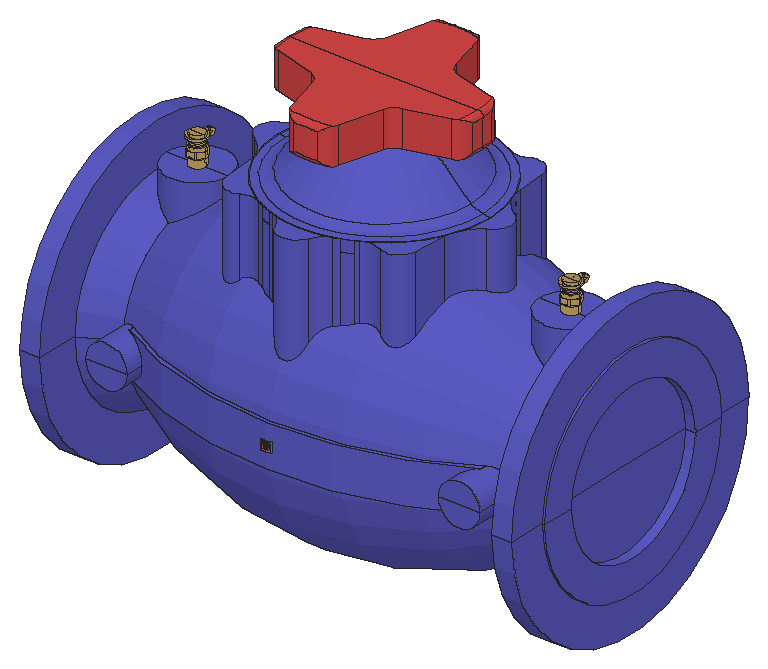
Revit family "HERZ Strömax Commissioning Valve With Test points, Straight Body 4218 GMF", category Rohrzubehör, Revit 2020 (continued)
Definition of nested family "Messstutzen_Band_Austritt_senkrecht_(oben 25)"
  Forms (mm)
    Extrusion 4, solid, detail levels fine
      sketch origin (12.045, 0, 25.83) x (0, 1, 0) y (0.906308, 0, -0.422618)
        loop
          arc (9.582, 1.8) -> (7.288, 2.358) -> (5.505, 3.906) r 5
          arc (5.505, 3.906) -> (-6.75, 0) -> (5.505, -3.906) r 6.75
      from 0 to -1.5
    Extrusion 5, solid, detail levels fine
      sketch origin (14.022, 0, 30.07) x (0, 1, 0) y (0.906308, 0, -0.422618)
        loop
          circle (0, 0) r 6.1
        loop
          arc (8.652, -4.495) -> (10.493, -2.527) -> (13.089, -1.8) r 5
          line (13.089, -1.8) -> (13.089, 1.8)
          arc (13.089, 1.8) -> (10.493, 2.527) -> (8.652, 4.495) r 5
          arc (8.652, 4.495) -> (-9.75, 0) -> (8.652, -4.495) r 9.75
      from 0 to -1.5
    Sweep 6, solid, detail levels fine
      path origin (0.876, 0.242, 1.118) x (-0.422618, 0, -0.906308) y (0, 1, 0)
        loop
          line (-27.75, 9.582) -> (-27.75, 14.522)
          arc (-27.75, 14.522) -> (-30.089, 16.862) -> (-32.428, 14.522) r 2.339
          line (-32.428, 14.522) -> (-32.428, 13.089)
      profile origin (12.603, 12.294, 26.268) x (0.422618, 0, 0.906308) y (0.906308, 0, -0.422618)
        loop
          line (-0.75, -1.8) -> (0.75, -1.8) -> (0.75, 1.8) -> (-0.75, 1.8) -> (-0.75, -1.8)
  Dimensions and locks
    aligned and locked: level to plane 2
Definition of nested family "Messstutzen_Band_Austritt_senkrecht_(oben 0.8)"
  Parameters (values of type "Messstutzen_Band_Austritt_senkrecht_(oben 0.8)")
    Default Elevation = 0.00 mm
    URL = "www.herz-armaturen.at"
    Schutzkappe [instance] = yes
    Nennweite [instance] = 0.00 mm
    Manufacturer = "Herz Armaturen GmbH"  # constant formula
    Gewicht [instance] = 0.00 kg
    Bestellnummer [instance] = 0
  Reference planes
    plane 1 "Mitte (Vorne/hinten)": y = 0
    plane 2: z = 0
    plane 3 "Mitte (Links/rechts)": x = 0
  Forms (mm)
    Revolve 1, solid, detail levels fine
      sketch origin (0, 0, 0) x (0.999903, 0, -0.013962) y (0.013962, 0, 0.999903)
        loop
          line (-7.4, 9) -> (-5.55, 9) -> (-5.55, 6)
          arc (-5.55, 6) -> (-5.626, 5.617) -> (-5.843, 5.293) r 1
          line (-5.843, 5.293) -> (-6.455, 4.681) -> (-6.455, 0.9) -> (-5.555, 0) -> (-2, 0) -> (-2, 17.5) -> (-8.4, 17.5)
          arc (-8.4, 17.5) -> (-7.693, 17.207) -> (-7.4, 16.5) r 1
          line (-7.4, 16.5) -> (-7.4, 9)
        loop
          line (-3.7, 27) -> (-7.3, 27) -> (-7.9, 26.4) -> (-7.9, 23) -> (-2, 23) -> (-2, 35.8) -> (-3.805, 35.8) -> (-4.415, 35.19) -> (-4.415, 30.863) -> (-3.7, 30.45) -> (-3.7, 27)
        axis (0, 0) -> (0, 35.8)
      angle from 0 to 360
    Extrusion 2, solid, detail levels fine
      sketch origin (0.244, 0, 17.498) x (0, 1, 0) y (-0.999903, 0, 0.013962)
        loop
          arc (-7.07, 5.156) -> (-7.578, 4.375) -> (-8, 3.544) r 8.75
          line (-8, 3.544) -> (-8, -3.544)
          arc (-8, -3.544) -> (-7.578, -4.375) -> (-7.07, -5.156) r 8.75
          line (-7.07, -5.156) -> (-0.93, -8.7)
          arc (-0.93, -8.7) -> (0, -8.75) -> (0.93, -8.7) r 8.75
          line (0.93, -8.7) -> (7.07, -5.156)
          arc (7.07, -5.156) -> (7.578, -4.375) -> (8, -3.544) r 8.75
          line (8, -3.544) -> (8, 3.544)
          arc (8, 3.544) -> (7.578, 4.375) -> (7.07, 5.156) r 8.75
          line (7.07, 5.156) -> (0.93, 8.7)
          arc (0.93, 8.7) -> (0, 8.75) -> (-0.93, 8.7) r 8.75
          line (-0.93, 8.7) -> (-7.07, 5.156)
      from 0 to 5.5
    Revolve 3, solid, visible <- "Schutzkappe", detail levels fine
      sketch origin (0, 0, 0) x (0.999903, 0, -0.013962) y (0.013962, 0, 0.999903)
        loop
          line (0, 35.878) -> (0, 36.678) -> (-7, 36.678) -> (-7, 33.378) -> (-6.1, 33.378) -> (-6.1, 31.678) -> (-6.9, 31.678) -> (-6.9, 30.178) -> (-4.415, 30.178) -> (-4.415, 35.268) -> (-3.805, 35.878) -> (0, 35.878)
        axis (0, 30.178) -> (0, 36.678)
      angle from 0 to 360
    Extrusion 4, solid, detail levels fine
      sketch origin (0.398, 0, 28.497) x (0, 1, 0) y (0.999903, 0, -0.013962)
        loop
          circle (0, 0) r 3.7
        loop
          arc (5.505, -3.906) -> (7.288, -2.358) -> (9.582, -1.8) r 5
          line (9.582, -1.8) -> (9.582, 1.8)
          arc (9.582, 1.8) -> (7.288, 2.358) -> (5.505, 3.906) r 5
          arc (5.505, 3.906) -> (-6.75, 0) -> (5.505, -3.906) r 6.75
      from 0 to -1.5
    Extrusion 5, solid, detail levels fine
      sketch origin (0.463, 0, 33.175) x (0, 1, 0) y (0.999903, 0, -0.013962)
        loop
          circle (0, 0) r 6.1
        loop
          arc (8.652, -4.495) -> (10.493, -2.527) -> (13.089, -1.8) r 5
          line (13.089, -1.8) -> (13.089, 1.8)
          arc (13.089, 1.8) -> (10.493, 2.527) -> (8.652, 4.495) r 5
          arc (8.652, 4.495) -> (-9.75, 0) -> (8.652, -4.495) r 9.75
      from 0 to -1.5
    Sweep 6, solid, detail levels fine
      path origin (0.514, 0.493, 1.007) x (-0.013962, 0, -0.999903) y (0, 1, 0)
        loop
          line (-27.75, 9.582) -> (-27.75, 14.522)
          arc (-27.75, 14.522) -> (-30.089, 16.862) -> (-32.428, 14.522) r 2.339
          line (-32.428, 14.522) -> (-32.428, 13.089)
      profile origin (0.901, 12.545, 28.754) x (0.013962, 0, 0.999903) y (0.999903, 0, -0.013962)
        loop
          line (-0.75, -1.8) -> (0.75, -1.8) -> (0.75, 1.8) -> (-0.75, 1.8) -> (-0.75, -1.8)
  Dimensions and locks
    aligned and locked: level to plane 2
Definition of nested family "Messstutzen_Band_Eintritt_senkrecht_(oben 10)"
  Parameters (values of type "Messstutzen_Band_Eintritt_senkrecht_(oben 10)")
    Default Elevation = 0.00 mm
    URL = "www.herz-armaturen.at"
    Schutzkappe [instance] = yes
    Nennweite [instance] = 0.00 mm
    Manufacturer = "Herz Armaturen GmbH"  # constant formula
    Gewicht [instance] = 0.00 kg
    Bestellnummer [instance] = 0
  Reference planes
    plane 1 "Mitte (Vorne/hinten)": y = 0
    plane 2: z = 0
    plane 3 "Mitte (Links/rechts)": x = 0
  Forms (mm)
    Revolve 1, solid, detail levels fine
      sketch origin (0, 0, 0) x (0.984808, 0, 0.173648) y (-0.173648, 0, 0.984808)
        loop
          line (-7.4, 9) -> (-5.55, 9) -> (-5.55, 6)
          arc (-5.55, 6) -> (-5.626, 5.617) -> (-5.843, 5.293) r 1
          line (-5.843, 5.293) -> (-6.455, 4.681) -> (-6.455, 0.9) -> (-5.555, 0) -> (-2, 0) -> (-2, 17.5) -> (-8.4, 17.5)
          arc (-8.4, 17.5) -> (-7.693, 17.207) -> (-7.4, 16.5) r 1
          line (-7.4, 16.5) -> (-7.4, 9)
        loop
          line (-3.7, 27) -> (-7.3, 27) -> (-7.9, 26.4) -> (-7.9, 23) -> (-2, 23) -> (-2, 35.8) -> (-3.805, 35.8) -> (-4.415, 35.19) -> (-4.415, 30.863) -> (-3.7, 30.45) -> (-3.7, 27)
        axis (0, 0) -> (0, 35.8)
      angle from 0 to 360
    Extrusion 2, solid, detail levels fine
      sketch origin (-3.039, 0, 17.234) x (0, 1, 0) y (-0.984808, 0, -0.173648)
        loop
          arc (-7.07, 5.156) -> (-7.578, 4.375) -> (-8, 3.544) r 8.75
          line (-8, 3.544) -> (-8, -3.544)
          arc (-8, -3.544) -> (-7.578, -4.375) -> (-7.07, -5.156) r 8.75
          line (-7.07, -5.156) -> (-0.93, -8.7)
          arc (-0.93, -8.7) -> (0, -8.75) -> (0.93, -8.7) r 8.75
          line (0.93, -8.7) -> (7.07, -5.156)
          arc (7.07, -5.156) -> (7.578, -4.375) -> (8, -3.544) r 8.75
          line (8, -3.544) -> (8, 3.544)
          arc (8, 3.544) -> (7.578, 4.375) -> (7.07, 5.156) r 8.75
          line (7.07, 5.156) -> (0.93, 8.7)
          arc (0.93, 8.7) -> (0, 8.75) -> (-0.93, 8.7) r 8.75
          line (-0.93, 8.7) -> (-7.07, 5.156)
      from 0 to 5.5
    Revolve 3, solid, visible <- "Schutzkappe", detail levels fine
      sketch origin (0, 0, 0) x (0.984808, 0, 0.173648) y (-0.173648, 0, 0.984808)
        loop
          line (0, 35.878) -> (0, 36.678) -> (-7, 36.678) -> (-7, 33.378) -> (-6.1, 33.378) -> (-6.1, 31.678) -> (-6.9, 31.678) -> (-6.9, 30.178) -> (-4.415, 30.178) -> (-4.415, 35.268) -> (-3.805, 35.878) -> (0, 35.878)
        axis (0, 30.178) -> (0, 36.678)
      angle from 0 to 360
    Extrusion 4, solid, detail levels fine
      sketch origin (-4.949, 0, 28.067) x (0, 1, 0) y (0.984808, 0, 0.173648)
        loop
          circle (0, 0) r 3.7
        loop
          arc (5.505, -3.906) -> (7.288, -2.358) -> (9.582, -1.8) r 5
          line (9.582, -1.8) -> (9.582, 1.8)
          arc (9.582, 1.8) -> (7.288, 2.358) -> (5.505, 3.906) r 5
          arc (5.505, 3.906) -> (-6.75, 0) -> (5.505, -3.906) r 6.75
      from 0 to -1.5
    Extrusion 5, solid, detail levels fine
      sketch origin (-5.761, 0, 32.674) x (0, 1, 0) y (0.984808, 0, 0.173648)
        loop
          circle (0, 0) r 6.1
        loop
          arc (8.652, -4.495) -> (10.493, -2.527) -> (13.089, -1.8) r 5
          line (13.089, -1.8) -> (13.089, 1.8)
          arc (13.089, 1.8) -> (10.493, 2.527) -> (8.652, 4.495) r 5
          arc (8.652, 4.495) -> (-9.75, 0) -> (8.652, -4.495) r 9.75
      from 0 to -1.5
    Sweep 6, solid, detail levels fine
      path origin (0.6, 0.141, 0.838) x (0.173648, 0, -0.984808) y (0, 1, 0)
        loop
          line (-27.75, 9.582) -> (-27.75, 14.522)
          arc (-27.75, 14.522) -> (-30.089, 16.862) -> (-32.428, 14.522) r 2.339
          line (-32.428, 14.522) -> (-32.428, 13.089)
      profile origin (-4.219, 12.193, 28.166) x (-0.173648, 0, 0.984808) y (0.984808, 0, 0.173648)
        loop
          line (-0.75, -1.8) -> (0.75, -1.8) -> (0.75, 1.8) -> (-0.75, 1.8) -> (-0.75, -1.8)
  Dimensions and locks
    aligned and locked: level to plane 2
Definition of nested family "Messstutzen_Band_Eintritt_senkrecht_(oben 15)"
  Parameters (values of type "Messstutzen_Band_Eintritt_senkrecht_(oben 15)")
    Default Elevation = 0.00 mm
    URL = "www.herz-armaturen.at"
    Schutzkappe [instance] = yes
    Nennweite [instance] = 0.00 mm
    Manufacturer = "Herz Armaturen GmbH"  # constant formula
    Gewicht [instance] = 0.00 kg
    Bestellnummer [instance] = 0
  Reference planes
    plane 1 "Mitte (Vorne/hinten)": y = 0
    plane 2: z = 0
    plane 3 "Mitte (Links/rechts)": x = 0
  Forms (mm)
    Revolve 1, solid, detail levels fine
      sketch origin (0, 0, 0) x (0.965926, 0, 0.258819) y (-0.258819, 0, 0.965926)
        loop
          line (-7.4, 9) -> (-5.55, 9) -> (-5.55, 6)
          arc (-5.55, 6) -> (-5.626, 5.617) -> (-5.843, 5.293) r 1
          line (-5.843, 5.293) -> (-6.455, 4.681) -> (-6.455, 0.9) -> (-5.555, 0) -> (-2, 0) -> (-2, 17.5) -> (-8.4, 17.5)
          arc (-8.4, 17.5) -> (-7.693, 17.207) -> (-7.4, 16.5) r 1
          line (-7.4, 16.5) -> (-7.4, 9)
        loop
          line (-3.7, 27) -> (-7.3, 27) -> (-7.9, 26.4) -> (-7.9, 23) -> (-2, 23) -> (-2, 35.8) -> (-3.805, 35.8) -> (-4.415, 35.19) -> (-4.415, 30.863) -> (-3.7, 30.45) -> (-3.7, 27)
        axis (0, 0) -> (0, 35.8)
      angle from 0 to 360
    Extrusion 2, solid, detail levels fine
      sketch origin (-4.529, 0, 16.904) x (0, 1, 0) y (-0.965926, 0, -0.258819)
        loop
          arc (-7.07, 5.156) -> (-7.578, 4.375) -> (-8, 3.544) r 8.75
          line (-8, 3.544) -> (-8, -3.544)
          arc (-8, -3.544) -> (-7.578, -4.375) -> (-7.07, -5.156) r 8.75
          line (-7.07, -5.156) -> (-0.93, -8.7)
          arc (-0.93, -8.7) -> (0, -8.75) -> (0.93, -8.7) r 8.75
          line (0.93, -8.7) -> (7.07, -5.156)
          arc (7.07, -5.156) -> (7.578, -4.375) -> (8, -3.544) r 8.75
          line (8, -3.544) -> (8, 3.544)
          arc (8, 3.544) -> (7.578, 4.375) -> (7.07, 5.156) r 8.75
          line (7.07, 5.156) -> (0.93, 8.7)
          arc (0.93, 8.7) -> (0, 8.75) -> (-0.93, 8.7) r 8.75
          line (-0.93, 8.7) -> (-7.07, 5.156)
      from 0 to 5.5
    Revolve 3, solid, visible <- "Schutzkappe", detail levels fine
      sketch origin (0, 0, 0) x (0.965926, 0, 0.258819) y (-0.258819, 0, 0.965926)
        loop
          line (0, 35.878) -> (0, 36.678) -> (-7, 36.678) -> (-7, 33.378) -> (-6.1, 33.378) -> (-6.1, 31.678) -> (-6.9, 31.678) -> (-6.9, 30.178) -> (-4.415, 30.178) -> (-4.415, 35.268) -> (-3.805, 35.878) -> (0, 35.878)
        axis (0, 30.178) -> (0, 36.678)
      angle from 0 to 360
    Extrusion 4, solid, detail levels fine
      sketch origin (-7.376, 0, 27.529) x (0, 1, 0) y (0.965926, 0, 0.258819)
        loop
          circle (0, 0) r 3.7
        loop
          arc (5.505, -3.906) -> (7.288, -2.358) -> (9.582, -1.8) r 5
          line (9.582, -1.8) -> (9.582, 1.8)
          arc (9.582, 1.8) -> (7.288, 2.358) -> (5.505, 3.906) r 5
          arc (5.505, 3.906) -> (-6.75, 0) -> (5.505, -3.906) r 6.75
      from 0 to -1.5
    Extrusion 5, solid, detail levels fine
      sketch origin (-8.587, 0, 32.048) x (0, 1, 0) y (0.965926, 0, 0.258819)
        loop
          circle (0, 0) r 6.1
        loop
          arc (8.652, -4.495) -> (10.493, -2.527) -> (13.089, -1.8) r 5
          line (13.089, -1.8) -> (13.089, 1.8)
          arc (13.089, 1.8) -> (10.493, 2.527) -> (8.652, 4.495) r 5
          arc (8.652, 4.495) -> (-9.75, 0) -> (8.652, -4.495) r 9.75
      from 0 to -1.5
    Sweep 6, solid, detail levels fine
      path origin (0.468, 0.277, 0.942) x (0.258819, 0, -0.965926) y (0, 1, 0)
        loop
          line (-27.75, 9.582) -> (-27.75, 14.522)
          arc (-27.75, 14.522) -> (-30.089, 16.862) -> (-32.428, 14.522) r 2.339
          line (-32.428, 14.522) -> (-32.428, 13.089)
      profile origin (-6.714, 12.329, 27.747) x (-0.258819, 0, 0.965926) y (0.965926, 0, 0.258819)
        loop
          line (-0.75, -1.8) -> (0.75, -1.8) -> (0.75, 1.8) -> (-0.75, 1.8) -> (-0.75, -1.8)
  Dimensions and locks
    aligned and locked: level to plane 2
Definition of nested family "Messstutzen_Band_Eintritt_senkrecht_(oben 25)"
  Parameters (values of type "Messstutzen_Band_Eintritt_senkrecht_(oben 25)")
    Default Elevation = 0.00 mm
    URL = "www.herz-armaturen.at"
    Schutzkappe [instance] = yes
    Nennweite [instance] = 0.00 mm
    Manufacturer = "Herz Armaturen GmbH"  # constant formula
    Gewicht [instance] = 0.00 kg
    Bestellnummer [instance] = 0
  Reference planes
    plane 1 "Mitte (Vorne/hinten)": y = 0
    plane 2: z = 0
    plane 3 "Mitte (Links/rechts)": x = 0
  Forms (mm)
    Revolve 1, solid, detail levels fine
      sketch origin (0, 0, 0) x (0.906308, 0, 0.422618) y (-0.422618, 0, 0.906308)
        loop
          line (-7.4, 9) -> (-5.55, 9) -> (-5.55, 6)
          arc (-5.55, 6) -> (-5.626, 5.617) -> (-5.843, 5.293) r 1
          line (-5.843, 5.293) -> (-6.455, 4.681) -> (-6.455, 0.9) -> (-5.555, 0) -> (-2, 0) -> (-2, 17.5) -> (-8.4, 17.5)
          arc (-8.4, 17.5) -> (-7.693, 17.207) -> (-7.4, 16.5) r 1
          line (-7.4, 16.5) -> (-7.4, 9)
        loop
          line (-3.7, 27) -> (-7.3, 27) -> (-7.9, 26.4) -> (-7.9, 23) -> (-2, 23) -> (-2, 35.8) -> (-3.805, 35.8) -> (-4.415, 35.19) -> (-4.415, 30.863) -> (-3.7, 30.45) -> (-3.7, 27)
        axis (0, 0) -> (0, 35.8)
      angle from 0 to 360
    Extrusion 2, solid, detail levels fine
      sketch origin (-7.396, 0, 15.86) x (0, 1, 0) y (-0.906308, 0, -0.422618)
        loop
          arc (-7.07, 5.156) -> (-7.578, 4.375) -> (-8, 3.544) r 8.75
          line (-8, 3.544) -> (-8, -3.544)
          arc (-8, -3.544) -> (-7.578, -4.375) -> (-7.07, -5.156) r 8.75
          line (-7.07, -5.156) -> (-0.93, -8.7)
          arc (-0.93, -8.7) -> (0, -8.75) -> (0.93, -8.7) r 8.75
          line (0.93, -8.7) -> (7.07, -5.156)
          arc (7.07, -5.156) -> (7.578, -4.375) -> (8, -3.544) r 8.75
          line (8, -3.544) -> (8, 3.544)
          arc (8, 3.544) -> (7.578, 4.375) -> (7.07, 5.156) r 8.75
          line (7.07, 5.156) -> (0.93, 8.7)
          arc (0.93, 8.7) -> (0, 8.75) -> (-0.93, 8.7) r 8.75
          line (-0.93, 8.7) -> (-7.07, 5.156)
      from 0 to 5.5
    Revolve 3, solid, visible <- "Schutzkappe", detail levels fine
      sketch origin (0, 0, 0) x (0.906308, 0, 0.422618) y (-0.422618, 0, 0.906308)
        loop
          line (0, 35.878) -> (0, 36.678) -> (-7, 36.678) -> (-7, 33.378) -> (-6.1, 33.378) -> (-6.1, 31.678) -> (-6.9, 31.678) -> (-6.9, 30.178) -> (-4.415, 30.178) -> (-4.415, 35.268) -> (-3.805, 35.878) -> (0, 35.878)
        axis (0, 30.178) -> (0, 36.678)
      angle from 0 to 360
    Extrusion 4, solid, detail levels fine
      sketch origin (-12.045, 0, 25.83) x (0, 1, 0) y (0.906308, 0, 0.422618)
        loop
          circle (0, 0) r 3.7
        loop
          arc (5.505, -3.906) -> (7.288, -2.358) -> (9.582, -1.8) r 5
          line (9.582, -1.8) -> (9.582, 1.8)
          arc (9.582, 1.8) -> (7.288, 2.358) -> (5.505, 3.906) r 5
          arc (5.505, 3.906) -> (-6.75, 0) -> (5.505, -3.906) r 6.75
      from 0 to -1.5
    Extrusion 5, solid, detail levels fine
      sketch origin (-14.022, 0, 30.07) x (0, 1, 0) y (0.906308, 0, 0.422618)
        loop
          circle (0, 0) r 6.1
        loop
          arc (8.652, -4.495) -> (10.493, -2.527) -> (13.089, -1.8) r 5
          line (13.089, -1.8) -> (13.089, 1.8)
          arc (13.089, 1.8) -> (10.493, 2.527) -> (8.652, 4.495) r 5
          arc (8.652, 4.495) -> (-9.75, 0) -> (8.652, -4.495) r 9.75
      from 0 to -1.5
    Sweep 6, solid, detail levels fine
      path origin (-0.876, 0.242, 1.118) x (0.422618, 0, -0.906308) y (0, 1, 0)
        loop
          line (-27.75, 9.582) -> (-27.75, 14.522)
          arc (-27.75, 14.522) -> (-30.089, 16.862) -> (-32.428, 14.522) r 2.339
          line (-32.428, 14.522) -> (-32.428, 13.089)
      profile origin (-12.603, 12.294, 26.268) x (-0.422618, 0, 0.906308) y (0.906308, 0, 0.422618)
        loop
          line (-0.75, -1.8) -> (0.75, -1.8) -> (0.75, 1.8) -> (-0.75, 1.8) -> (-0.75, -1.8)
  Dimensions and locks
    aligned and locked: level to plane 2
Definition of nested family "Messstutzen_Band_Eintritt_senkrecht_(oben 0.8)"
  Parameters (values of type "Messstutzen_Band_Eintritt_senkrecht_(oben 0.8)")
    Default Elevation = 0.00 mm
    URL = "www.herz-armaturen.at"
    Schutzkappe [instance] = yes
    Nennweite [instance] = 0.00 mm
    Manufacturer = "Herz Armaturen GmbH"  # constant formula
    Gewicht [instance] = 0.00 kg
    Bestellnummer [instance] = 0
  Reference planes
    plane 1 "Mitte (Vorne/hinten)": y = 0
    plane 2: z = 0
    plane 3 "Mitte (Links/rechts)": x = 0
  Forms (mm)
    Revolve 1, solid, detail levels fine
      sketch origin (0, 0, 0) x (0.999903, 0, 0.013962) y (-0.013962, 0, 0.999903)
        loop
          line (-7.4, 9) -> (-5.55, 9) -> (-5.55, 6)
          arc (-5.55, 6) -> (-5.626, 5.617) -> (-5.843, 5.293) r 1
          line (-5.843, 5.293) -> (-6.455, 4.681) -> (-6.455, 0.9) -> (-5.555, 0) -> (-2, 0) -> (-2, 17.5) -> (-8.4, 17.5)
          arc (-8.4, 17.5) -> (-7.693, 17.207) -> (-7.4, 16.5) r 1
          line (-7.4, 16.5) -> (-7.4, 9)
        loop
          line (-3.7, 27) -> (-7.3, 27) -> (-7.9, 26.4) -> (-7.9, 23) -> (-2, 23) -> (-2, 35.8) -> (-3.805, 35.8) -> (-4.415, 35.19) -> (-4.415, 30.863) -> (-3.7, 30.45) -> (-3.7, 27)
        axis (0, 0) -> (0, 35.8)
      angle from 0 to 360
    Extrusion 2, solid, detail levels fine
      sketch origin (-0.244, 0, 17.498) x (0, 1, 0) y (-0.999903, 0, -0.013962)
        loop
          arc (-7.07, 5.156) -> (-7.578, 4.375) -> (-8, 3.544) r 8.75
          line (-8, 3.544) -> (-8, -3.544)
          arc (-8, -3.544) -> (-7.578, -4.375) -> (-7.07, -5.156) r 8.75
          line (-7.07, -5.156) -> (-0.93, -8.7)
          arc (-0.93, -8.7) -> (0, -8.75) -> (0.93, -8.7) r 8.75
          line (0.93, -8.7) -> (7.07, -5.156)
          arc (7.07, -5.156) -> (7.578, -4.375) -> (8, -3.544) r 8.75
          line (8, -3.544) -> (8, 3.544)
          arc (8, 3.544) -> (7.578, 4.375) -> (7.07, 5.156) r 8.75
          line (7.07, 5.156) -> (0.93, 8.7)
          arc (0.93, 8.7) -> (0, 8.75) -> (-0.93, 8.7) r 8.75
          line (-0.93, 8.7) -> (-7.07, 5.156)
      from 0 to 5.5
    Revolve 3, solid, visible <- "Schutzkappe", detail levels fine
      sketch origin (0, 0, 0) x (0.999903, 0, 0.013962) y (-0.013962, 0, 0.999903)
        loop
          line (0, 35.878) -> (0, 36.678) -> (-7, 36.678) -> (-7, 33.378) -> (-6.1, 33.378) -> (-6.1, 31.678) -> (-6.9, 31.678) -> (-6.9, 30.178) -> (-4.415, 30.178) -> (-4.415, 35.268) -> (-3.805, 35.878) -> (0, 35.878)
        axis (0, 30.178) -> (0, 36.678)
      angle from 0 to 360
    Extrusion 4, solid, detail levels fine
      sketch origin (-0.398, 0, 28.497) x (0, 1, 0) y (0.999903, 0, 0.013962)
        loop
          circle (0, 0) r 3.7
        loop
          arc (5.505, -3.906) -> (7.288, -2.358) -> (9.582, -1.8) r 5
          line (9.582, -1.8) -> (9.582, 1.8)
          arc (9.582, 1.8) -> (7.288, 2.358) -> (5.505, 3.906) r 5
          arc (5.505, 3.906) -> (-6.75, 0) -> (5.505, -3.906) r 6.75
      from 0 to -1.5
    Extrusion 5, solid, detail levels fine
      sketch origin (-0.463, 0, 33.175) x (0, 1, 0) y (0.999903, 0, 0.013962)
        loop
          circle (0, 0) r 6.1
        loop
          arc (8.652, -4.495) -> (10.493, -2.527) -> (13.089, -1.8) r 5
          line (13.089, -1.8) -> (13.089, 1.8)
          arc (13.089, 1.8) -> (10.493, 2.527) -> (8.652, 4.495) r 5
          arc (8.652, 4.495) -> (-9.75, 0) -> (8.652, -4.495) r 9.75
      from 0 to -1.5
    Sweep 6, solid, detail levels fine
      path origin (0.447, 0.318, 1.252) x (0.013962, 0, -0.999903) y (0, 1, 0)
        loop
          line (-27.75, 9.582) -> (-27.75, 14.522)
          arc (-27.75, 14.522) -> (-30.089, 16.862) -> (-32.428, 14.522) r 2.339
          line (-32.428, 14.522) -> (-32.428, 13.089)
      profile origin (0.059, 12.37, 29) x (-0.013962, 0, 0.999903) y (0.999903, 0, 0.013962)
        loop
          line (-0.75, -1.8) -> (0.75, -1.8) -> (0.75, 1.8) -> (-0.75, 1.8) -> (-0.75, -1.8)
  Dimensions and locks
    aligned and locked: level to plane 2
Definition of nested family "Strangregulierventil-Handrad-Gerade (Rot) DN15-DN40"
  Parameters (values of type "Strangregulierventil-Handrad-Gerade (Rot) DN15-DN40")
    Default Elevation = 0.00 mm
    URL = "www.herz-armaturen.at"
    Nennweite [instance] = 0.00 mm
    Manufacturer = "Herz Armaturen GmbH"  # constant formula
    Gewicht [instance] = 0.00 kg
    Bestellnummer [instance] = 0
  Reference planes
    plane 1 "Mitte (Vorne/hinten)": y = 0
    plane 2: z = 0
    plane 3 "Mitte (Links/rechts)": x = 0
  Forms (mm)
    Revolve 1, solid, detail levels fine
      sketch origin (0, 0, 0) x (1, 0, 0) y (0, 0, 1)
        loop
          line (0, 0) -> (0, 24.95) -> (-30.992, 24.95)
          arc (-30.992, 24.95) -> (-34.37, 23.636) -> (-35.973, 20.386) r 5
          line (-35.973, 20.386) -> (-37, 8.65) -> (-35.986, -2.936)
          arc (-35.986, -2.936) -> (-34.383, -6.186) -> (-31.005, -7.5) r 5
          line (-31.005, -7.5) -> (-15, -7.5) -> (-15, 0) -> (0, 0)
        axis (0, 24.95) -> (0, -7.5)
      angle from 0 to 360
    Extrusion 2, void
      sketch origin (0, 0, 20.3) x (1, 0, 0) y (0, 1, 0)
        loop
          line (3.861, 35.5) -> (-3.861, 35.5)
          arc (-3.861, 35.5) -> (-8.731, 33.847) -> (-11.589, 29.571) r 8
          line (-11.589, 29.571) -> (-13.284, 23.245)
          arc (-13.284, 23.245) -> (-13.982, 21.722) -> (-15.144, 20.516) r 5
          arc (-15.144, 20.516) -> (-18.031, 18.031) -> (-20.516, 15.144) r 25.5
          arc (-20.516, 15.144) -> (-21.722, 13.982) -> (-23.245, 13.284) r 5
          line (-23.245, 13.284) -> (-29.571, 11.589)
          arc (-29.571, 11.589) -> (-33.847, 8.731) -> (-35.5, 3.861) r 8
          line (-35.5, 3.861) -> (-35.5, -3.861)
          arc (-35.5, -3.861) -> (-33.847, -8.731) -> (-29.571, -11.589) r 8
          line (-29.571, -11.589) -> (-23.245, -13.284)
          arc (-23.245, -13.284) -> (-21.722, -13.982) -> (-20.516, -15.144) r 5
          arc (-20.516, -15.144) -> (-18.031, -18.031) -> (-15.144, -20.516) r 25.5
          arc (-15.144, -20.516) -> (-13.982, -21.722) -> (-13.284, -23.245) r 5
          line (-13.284, -23.245) -> (-11.589, -29.571)
          arc (-11.589, -29.571) -> (-8.731, -33.847) -> (-3.861, -35.5) r 8
          line (-3.861, -35.5) -> (3.861, -35.5)
          arc (3.861, -35.5) -> (8.731, -33.847) -> (11.589, -29.571) r 8
          line (11.589, -29.571) -> (13.284, -23.245)
          arc (13.284, -23.245) -> (13.982, -21.722) -> (15.144, -20.516) r 5
          arc (15.144, -20.516) -> (18.031, -18.031) -> (20.516, -15.144) r 25.5
          arc (20.516, -15.144) -> (21.722, -13.982) -> (23.245, -13.284) r 5
          line (23.245, -13.284) -> (29.571, -11.589)
          arc (29.571, -11.589) -> (33.847, -8.731) -> (35.5, -3.861) r 8
          line (35.5, -3.861) -> (35.5, 3.861)
          arc (35.5, 3.861) -> (33.847, 8.731) -> (29.571, 11.589) r 8
          line (29.571, 11.589) -> (23.245, 13.284)
          arc (23.245, 13.284) -> (21.722, 13.982) -> (20.516, 15.144) r 5
          arc (20.516, 15.144) -> (18.031, 18.031) -> (15.144, 20.516) r 25.5
          arc (15.144, 20.516) -> (13.982, 21.722) -> (13.284, 23.245) r 5
          line (13.284, 23.245) -> (11.589, 29.571)
          arc (11.589, 29.571) -> (8.731, 33.847) -> (3.861, 35.5) r 8
        loop
          circle (0, 0) r 38
      from -31.266 to 7.923
  Cuts and joins
    Extrusion 2 cuts Revolve 1
  Dimensions and locks
    Revolve 1 sketch curve to Revolve 1 sketch curve = 15.00 mm
    Revolve 1 sketch curve to Revolve 1 sketch curve = 16.15 mm
    Revolve 1 sketch curve to Revolve 1 sketch curve = 16.30 mm
    angle Revolve 1 sketch curve to Revolve 1 sketch curve = 95.00°
    aligned and locked: level to plane 2
Definition of nested family "Strangregulierventil-Handrad-Gerade (Rot) DN50-DN80"
  Parameters (values of type "Strangregulierventil-Handrad-Gerade (Rot) DN50-DN80")
    Default Elevation = 0.00 mm
    URL = "www.herz-armaturen.at"
    Nennweite [instance] = 0.00 mm
    Manufacturer = "Herz Armaturen GmbH"  # constant formula
    Gewicht [instance] = 0.00 kg
    Bestellnummer [instance] = 0
  Reference planes
    plane 1 "Mitte (Vorne/hinten)": y = 0
    plane 2: z = 0
    plane 3 "Mitte (Links/rechts)": x = 0
  Forms (mm)
    Revolve 1, solid, detail levels fine
      sketch origin (0, 0, 0) x (1, 0, 0) y (0, 0, 1)
        loop
          line (0, 0) -> (0, 24.95) -> (-50.992, 24.95)
          arc (-50.992, 24.95) -> (-54.37, 23.636) -> (-55.973, 20.386) r 5
          line (-55.973, 20.386) -> (-57, 8.65) -> (-55.986, -2.936)
          arc (-55.986, -2.936) -> (-54.383, -6.186) -> (-51.005, -7.5) r 5
          line (-51.005, -7.5) -> (-15, -7.5) -> (-15, 0) -> (0, 0)
        axis (0, 24.95) -> (0, -7.5)
      angle from 0 to 360
    Extrusion 2, void
      sketch origin (0, 0, 20.3) x (1, 0, 0) y (0, 1, 0)
        loop
          line (-55, 6.292) -> (-55, -6.292)
          arc (-55, -6.292) -> (-52.52, -13.597) -> (-46.106, -17.883) r 12
          line (-46.106, -17.883) -> (-35.399, -20.752)
          arc (-35.399, -20.752) -> (-33.541, -21.612) -> (-32.08, -23.047) r 6
          arc (-32.08, -23.047) -> (-27.931, -27.931) -> (-23.047, -32.08) r 39.5
          arc (-23.047, -32.08) -> (-21.612, -33.541) -> (-20.752, -35.399) r 6
          line (-20.752, -35.399) -> (-17.883, -46.106)
          arc (-17.883, -46.106) -> (-13.597, -52.52) -> (-6.292, -55) r 12
          line (-6.292, -55) -> (6.292, -55)
          arc (6.292, -55) -> (13.597, -52.52) -> (17.883, -46.106) r 12
          line (17.883, -46.106) -> (20.752, -35.399)
          arc (20.752, -35.399) -> (21.612, -33.541) -> (23.047, -32.08) r 6
          arc (23.047, -32.08) -> (27.931, -27.931) -> (32.08, -23.047) r 39.5
          arc (32.08, -23.047) -> (33.541, -21.612) -> (35.399, -20.752) r 6
          line (35.399, -20.752) -> (46.106, -17.883)
          arc (46.106, -17.883) -> (52.52, -13.597) -> (55, -6.292) r 12
          line (55, -6.292) -> (55, 6.292)
          arc (55, 6.292) -> (52.52, 13.597) -> (46.106, 17.883) r 12
          line (46.106, 17.883) -> (35.399, 20.752)
          arc (35.399, 20.752) -> (33.541, 21.612) -> (32.08, 23.047) r 6
          arc (32.08, 23.047) -> (27.931, 27.931) -> (23.047, 32.08) r 39.5
          arc (23.047, 32.08) -> (21.612, 33.541) -> (20.752, 35.399) r 6
          line (20.752, 35.399) -> (17.883, 46.106)
          arc (17.883, 46.106) -> (13.597, 52.52) -> (6.292, 55) r 12
          line (6.292, 55) -> (-6.292, 55)
          arc (-6.292, 55) -> (-13.597, 52.52) -> (-17.883, 46.106) r 12
          line (-17.883, 46.106) -> (-20.752, 35.399)
          arc (-20.752, 35.399) -> (-21.612, 33.541) -> (-23.047, 32.08) r 6
          arc (-23.047, 32.08) -> (-27.931, 27.931) -> (-32.08, 23.047) r 39.5
          arc (-32.08, 23.047) -> (-33.541, 21.612) -> (-35.399, 20.752) r 6
          line (-35.399, 20.752) -> (-46.106, 17.883)
          arc (-46.106, 17.883) -> (-52.52, 13.597) -> (-55, 6.292) r 12
        loop
          circle (0, 0) r 60
      from -31.161 to 7.489
  Cuts and joins
    Extrusion 2 cuts Revolve 1
  Dimensions and locks
    Revolve 1 sketch curve to Revolve 1 sketch curve = 15.00 mm
    Revolve 1 sketch curve to Revolve 1 sketch curve = 16.15 mm
    Revolve 1 sketch curve to Revolve 1 sketch curve = 16.30 mm
    Revolve 1 sketch curve to Revolve 1 sketch curve = 57.00 mm
    angle Revolve 1 sketch curve to Revolve 1 sketch curve = 95.00°
    aligned and locked: level to plane 2
Definition of nested family "Strangregulierventil-Handrad-Gerade (Rot) DN100-DN150"
  Parameters (values of type "Strangregulierventil-Handrad-Gerade (Rot) DN100-DN150")
    Default Elevation = 0.00 mm
    URL = "www.herz-armaturen.at"
    Nennweite [instance] = 0.00 mm
    Manufacturer = "Herz Armaturen GmbH"  # constant formula
    Gewicht [instance] = 0.00 kg
    Bestellnummer [instance] = 0
  Reference planes
    plane 1 "Mitte (Vorne/hinten)": y = 0
    plane 2: z = 0
    plane 3 "Mitte (Links/rechts)": x = 0
  Forms (mm)
    Revolve 1, solid, detail levels fine
      sketch origin (0, 0, 0) x (1, 0, 0) y (0, 0, 1)
        loop
          line (0, 0) -> (0, 20.8) -> (-90.019, 20.8)
          arc (-90.019, 20.8) -> (-93.397, 19.486) -> (-95, 16.236) r 5
          line (-95, 16.236) -> (-95, -9.166)
          arc (-95, -9.166) -> (-93.362, -12.33) -> (-90.032, -13.6) r 5
          line (-90.032, -13.6) -> (-20, -13.6) -> (-20, 0) -> (0, 0)
        axis (0, 20.8) -> (0, -13.6)
      angle from 0 to 360
    Extrusion 2, void
      sketch origin (0, 0, 20.3) x (1, 0, 0) y (0, 1, 0)
        loop
          circle (0, 0) r 110
        loop
          arc (-8.5, 94.619) -> (-17.649, 91.506) -> (-23, 83.46) r 15
          line (-23, 83.46) -> (-33.535, 44.142)
          arc (-33.535, 44.142) -> (-37.417, 37.417) -> (-44.142, 33.535) r 15
          line (-44.142, 33.535) -> (-83.46, 23)
          arc (-83.46, 23) -> (-91.506, 17.649) -> (-94.619, 8.5) r 15
          arc (-94.619, 8.5) -> (-95, 0) -> (-94.619, -8.5) r 95
          arc (-94.619, -8.5) -> (-91.506, -17.649) -> (-83.46, -23) r 15
          line (-83.46, -23) -> (-44.142, -33.535)
          arc (-44.142, -33.535) -> (-37.417, -37.417) -> (-33.535, -44.142) r 15
          line (-33.535, -44.142) -> (-23, -83.46)
          arc (-23, -83.46) -> (-17.649, -91.506) -> (-8.5, -94.619) r 15
          arc (-8.5, -94.619) -> (0, -95) -> (8.5, -94.619) r 95
          arc (8.5, -94.619) -> (17.649, -91.506) -> (23, -83.46) r 15
          line (23, -83.46) -> (33.535, -44.142)
          arc (33.535, -44.142) -> (37.417, -37.417) -> (44.142, -33.535) r 15
          line (44.142, -33.535) -> (83.46, -23)
          arc (83.46, -23) -> (91.506, -17.649) -> (94.619, -8.5) r 15
          arc (94.619, -8.5) -> (95, 0) -> (94.619, 8.5) r 95
          arc (94.619, 8.5) -> (91.506, 17.649) -> (83.46, 23) r 15
          line (83.46, 23) -> (44.142, 33.535)
          arc (44.142, 33.535) -> (37.417, 37.417) -> (33.535, 44.142) r 15
          line (33.535, 44.142) -> (23, 83.46)
          arc (23, 83.46) -> (17.649, 91.506) -> (8.5, 94.619) r 15
          arc (8.5, 94.619) -> (0, 95) -> (-8.5, 94.619) r 95
      from -51.286 to 22
  Cuts and joins
    Extrusion 2 cuts Revolve 1
  Dimensions and locks
    Revolve 1 sketch curve to Revolve 1 sketch curve = 20.00 mm
    Revolve 1 sketch curve to Revolve 1 sketch curve = 95.00 mm
    Revolve 1 sketch curve to Revolve 1 sketch curve = 34.40 mm
    plane 2 to Revolve 1 sketch curve = 13.60 mm
    aligned and locked: level to plane 2
